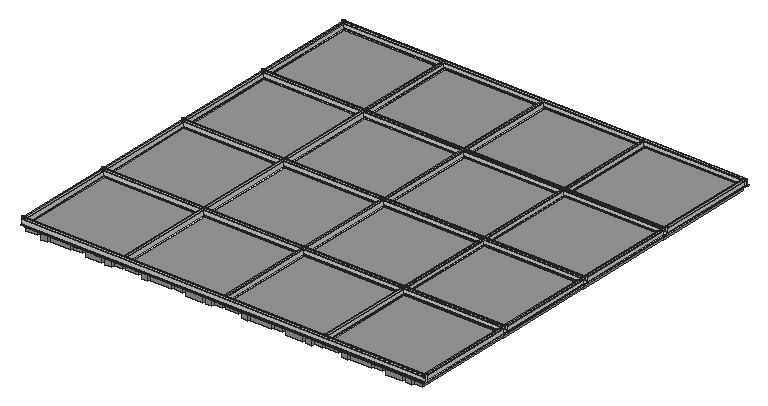
Revit family "GRD-FPG-013_TILE 003_RFA", category Modelos genéricos, Revit 2022 (continued)
Forms (in)
  Extrusion 265, solid, not visible
    sketch origin (22.53003, 0, 0) x (0, 1, 0) y (0, 0, 1)
      loop
        line (24.28363, 0.65884) -> (24.28363, 0.81105) -> (24.15525, 0.96325) -> (0.66201, 0.96325) -> (0.53363, 0.81105) -> (0.53363, 0.65884) -> (1.04039, 0.65884) -> (1.04039, 0.08825) -> (23.77686, 0.08825) -> (23.77686, 0.65884) -> (24.28363, 0.65884)
    from 1.02721 to 1.49718
  Extrusion 266, solid, not visible
    sketch origin (0, 0, 0) x (1, 0, 0) y (0, 1, 0)
      loop
        line (24.37331, 0.56251) -> (24.37331, 24.37501) -> (0.56081, 24.37501) -> (0.56081, 0.56251) -> (24.37331, 0.56251)
    from -0.14799 to 0.32867
  Extrusion 267, solid, not visible
    sketch origin (0, 0, 0) x (1, 0, 0) y (0, 0, 1)
      loop
        line (1.09883, 0.09247) -> (23.8353, 0.09247) -> (23.8353, 0.66306) -> (24.0853, 0.66306) -> (24.34206, 0.66306) -> (24.34206, 0.81527) -> (24.21368, 0.96747) -> (0.72045, 0.96747) -> (0.59206, 0.81527) -> (0.59206, 0.66306) -> (0.84883, 0.66306) -> (1.09883, 0.66306) -> (1.09883, 0.09247)
    from -1.53248 to -1.06251
  Extrusion 268, solid, not visible
    sketch origin (0, 22.34253, 0) x (1, 0, 0) y (0, 0, 1)
      loop
        line (1.09883, 0.09247) -> (23.8353, 0.09247) -> (23.8353, 0.66306) -> (24.0853, 0.66306) -> (24.34206, 0.66306) -> (24.34206, 0.81527) -> (24.21368, 0.96747) -> (0.72045, 0.96747) -> (0.59206, 0.81527) -> (0.59206, 0.66306) -> (0.84883, 0.66306) -> (1.09883, 0.66306) -> (1.09883, 0.09247)
    from -1.53248 to -1.06251
  Extrusion 269, solid, not visible
    sketch origin (0, 0, 0) x (0, 1, 0) y (0, 0, 1)
      loop
        line (0.42221, 1.66259) -> (0.42231, 0.67354)
        arc (0.42231, 0.67354) -> (0.41009, 0.64403) -> (0.38057, 0.6318) r 0.04174
        line (0.38057, 0.6318) -> (-0.00639, 0.6318) -> (-0.00639, 0.59057) -> (0.8874, 0.59057) -> (0.8874, 0.6318) -> (0.49998, 0.6318)
        arc (0.49998, 0.6318) -> (0.47046, 0.64403) -> (0.45824, 0.67354) r 0.04174
        line (0.45824, 0.67354) -> (0.45834, 1.66259)
        arc (0.45834, 1.66259) -> (0.46543, 1.67969) -> (0.48252, 1.68677) r 0.02418
        line (0.48252, 1.68677) -> (0.52252, 1.68677)
        arc (0.52252, 1.68677) -> (0.55303, 1.69941) -> (0.56566, 1.72991) r 0.04314
        line (0.56566, 1.72991) -> (0.56566, 2.14095)
        arc (0.56566, 2.14095) -> (0.5626, 2.15637) -> (0.55386, 2.16944) r 0.04029
        line (0.55386, 2.16944) -> (0.47053, 2.25277)
        arc (0.47053, 2.25277) -> (0.44027, 2.2653) -> (0.41002, 2.25277) r 0.04279
        line (0.41002, 2.25277) -> (0.32669, 2.16944)
        arc (0.32669, 2.16944) -> (0.31795, 2.15637) -> (0.31489, 2.14095) r 0.04029
        line (0.31489, 2.14095) -> (0.31489, 1.72991)
        arc (0.31489, 1.72991) -> (0.32752, 1.69941) -> (0.35803, 1.68677) r 0.04314
        line (0.35803, 1.68677) -> (0.39803, 1.68677)
        arc (0.39803, 1.68677) -> (0.41512, 1.67969) -> (0.42221, 1.66259) r 0.02418
      loop
        arc (0.33294, 1.7291) -> (0.34005, 1.71194) -> (0.35722, 1.70483) r 0.02428
        line (0.35722, 1.70483) -> (0.39815, 1.70483)
        arc (0.39815, 1.70483) -> (0.42797, 1.69248) -> (0.44023, 1.66266) r 0.04217
        arc (0.44023, 1.66266) -> (0.45258, 1.69248) -> (0.4824, 1.70483) r 0.04217
        line (0.4824, 1.70483) -> (0.52333, 1.70483)
        arc (0.52333, 1.70483) -> (0.54049, 1.71194) -> (0.54761, 1.7291) r 0.02428
        line (0.54761, 1.7291) -> (0.54761, 2.15016) -> (0.45704, 2.24072)
        arc (0.45704, 2.24072) -> (0.44027, 2.24767) -> (0.42351, 2.24072) r 0.02371
        line (0.42351, 2.24072) -> (0.33294, 2.15016) -> (0.33294, 1.7291)
    from 0 to 96.9361
  Extrusion 270, solid, not visible
    sketch origin (0, 24, 0) x (0, 1, 0) y (0, 0, 1)
      loop
        line (0.42221, 1.66259) -> (0.42231, 0.67354)
        arc (0.42231, 0.67354) -> (0.41009, 0.64403) -> (0.38057, 0.6318) r 0.04174
        line (0.38057, 0.6318) -> (-0.00639, 0.6318) -> (-0.00639, 0.59057) -> (0.8874, 0.59057) -> (0.8874, 0.6318) -> (0.49998, 0.6318)
        arc (0.49998, 0.6318) -> (0.47046, 0.64403) -> (0.45824, 0.67354) r 0.04174
        line (0.45824, 0.67354) -> (0.45834, 1.66259)
        arc (0.45834, 1.66259) -> (0.46543, 1.67969) -> (0.48252, 1.68677) r 0.02418
        line (0.48252, 1.68677) -> (0.52252, 1.68677)
        arc (0.52252, 1.68677) -> (0.55303, 1.69941) -> (0.56566, 1.72991) r 0.04314
        line (0.56566, 1.72991) -> (0.56566, 2.14095)
        arc (0.56566, 2.14095) -> (0.5626, 2.15637) -> (0.55386, 2.16944) r 0.04029
        line (0.55386, 2.16944) -> (0.47053, 2.25277)
        arc (0.47053, 2.25277) -> (0.44027, 2.2653) -> (0.41002, 2.25277) r 0.04279
        line (0.41002, 2.25277) -> (0.32669, 2.16944)
        arc (0.32669, 2.16944) -> (0.31795, 2.15637) -> (0.31489, 2.14095) r 0.04029
        line (0.31489, 2.14095) -> (0.31489, 1.72991)
        arc (0.31489, 1.72991) -> (0.32752, 1.69941) -> (0.35803, 1.68677) r 0.04314
        line (0.35803, 1.68677) -> (0.39803, 1.68677)
        arc (0.39803, 1.68677) -> (0.41512, 1.67969) -> (0.42221, 1.66259) r 0.02418
      loop
        arc (0.33294, 1.7291) -> (0.34005, 1.71194) -> (0.35722, 1.70483) r 0.02428
        line (0.35722, 1.70483) -> (0.39815, 1.70483)
        arc (0.39815, 1.70483) -> (0.42797, 1.69248) -> (0.44023, 1.66266) r 0.04217
        arc (0.44023, 1.66266) -> (0.45258, 1.69248) -> (0.4824, 1.70483) r 0.04217
        line (0.4824, 1.70483) -> (0.52333, 1.70483)
        arc (0.52333, 1.70483) -> (0.54049, 1.71194) -> (0.54761, 1.7291) r 0.02428
        line (0.54761, 1.7291) -> (0.54761, 2.15016) -> (0.45704, 2.24072)
        arc (0.45704, 2.24072) -> (0.44027, 2.24767) -> (0.42351, 2.24072) r 0.02371
        line (0.42351, 2.24072) -> (0.33294, 2.15016) -> (0.33294, 1.7291)
    from 0 to 96.9361
  Extrusion 271, solid, not visible
    sketch origin (0, 48, 0) x (0, 1, 0) y (0, 0, 1)
      loop
        line (0.42221, 1.66259) -> (0.42231, 0.67354)
        arc (0.42231, 0.67354) -> (0.41009, 0.64403) -> (0.38057, 0.6318) r 0.04174
        line (0.38057, 0.6318) -> (-0.00639, 0.6318) -> (-0.00639, 0.59057) -> (0.8874, 0.59057) -> (0.8874, 0.6318) -> (0.49998, 0.6318)
        arc (0.49998, 0.6318) -> (0.47046, 0.64403) -> (0.45824, 0.67354) r 0.04174
        line (0.45824, 0.67354) -> (0.45834, 1.66259)
        arc (0.45834, 1.66259) -> (0.46543, 1.67969) -> (0.48252, 1.68677) r 0.02418
        line (0.48252, 1.68677) -> (0.52252, 1.68677)
        arc (0.52252, 1.68677) -> (0.55303, 1.69941) -> (0.56566, 1.72991) r 0.04314
        line (0.56566, 1.72991) -> (0.56566, 2.14095)
        arc (0.56566, 2.14095) -> (0.5626, 2.15637) -> (0.55386, 2.16944) r 0.04029
        line (0.55386, 2.16944) -> (0.47053, 2.25277)
        arc (0.47053, 2.25277) -> (0.44027, 2.2653) -> (0.41002, 2.25277) r 0.04279
        line (0.41002, 2.25277) -> (0.32669, 2.16944)
        arc (0.32669, 2.16944) -> (0.31795, 2.15637) -> (0.31489, 2.14095) r 0.04029
        line (0.31489, 2.14095) -> (0.31489, 1.72991)
        arc (0.31489, 1.72991) -> (0.32752, 1.69941) -> (0.35803, 1.68677) r 0.04314
        line (0.35803, 1.68677) -> (0.39803, 1.68677)
        arc (0.39803, 1.68677) -> (0.41512, 1.67969) -> (0.42221, 1.66259) r 0.02418
      loop
        arc (0.33294, 1.7291) -> (0.34005, 1.71194) -> (0.35722, 1.70483) r 0.02428
        line (0.35722, 1.70483) -> (0.39815, 1.70483)
        arc (0.39815, 1.70483) -> (0.42797, 1.69248) -> (0.44023, 1.66266) r 0.04217
        arc (0.44023, 1.66266) -> (0.45258, 1.69248) -> (0.4824, 1.70483) r 0.04217
        line (0.4824, 1.70483) -> (0.52333, 1.70483)
        arc (0.52333, 1.70483) -> (0.54049, 1.71194) -> (0.54761, 1.7291) r 0.02428
        line (0.54761, 1.7291) -> (0.54761, 2.15016) -> (0.45704, 2.24072)
        arc (0.45704, 2.24072) -> (0.44027, 2.24767) -> (0.42351, 2.24072) r 0.02371
        line (0.42351, 2.24072) -> (0.33294, 2.15016) -> (0.33294, 1.7291)
    from 0 to 96.9361
  Extrusion 272, solid, not visible
    sketch origin (0, 72, 0) x (0, 1, 0) y (0, 0, 1)
      loop
        line (0.42221, 1.66259) -> (0.42231, 0.67354)
        arc (0.42231, 0.67354) -> (0.41009, 0.64403) -> (0.38057, 0.6318) r 0.04174
        line (0.38057, 0.6318) -> (-0.00639, 0.6318) -> (-0.00639, 0.59057) -> (0.8874, 0.59057) -> (0.8874, 0.6318) -> (0.49998, 0.6318)
        arc (0.49998, 0.6318) -> (0.47046, 0.64403) -> (0.45824, 0.67354) r 0.04174
        line (0.45824, 0.67354) -> (0.45834, 1.66259)
        arc (0.45834, 1.66259) -> (0.46543, 1.67969) -> (0.48252, 1.68677) r 0.02418
        line (0.48252, 1.68677) -> (0.52252, 1.68677)
        arc (0.52252, 1.68677) -> (0.55303, 1.69941) -> (0.56566, 1.72991) r 0.04314
        line (0.56566, 1.72991) -> (0.56566, 2.14095)
        arc (0.56566, 2.14095) -> (0.5626, 2.15637) -> (0.55386, 2.16944) r 0.04029
        line (0.55386, 2.16944) -> (0.47053, 2.25277)
        arc (0.47053, 2.25277) -> (0.44027, 2.2653) -> (0.41002, 2.25277) r 0.04279
        line (0.41002, 2.25277) -> (0.32669, 2.16944)
        arc (0.32669, 2.16944) -> (0.31795, 2.15637) -> (0.31489, 2.14095) r 0.04029
        line (0.31489, 2.14095) -> (0.31489, 1.72991)
        arc (0.31489, 1.72991) -> (0.32752, 1.69941) -> (0.35803, 1.68677) r 0.04314
        line (0.35803, 1.68677) -> (0.39803, 1.68677)
        arc (0.39803, 1.68677) -> (0.41512, 1.67969) -> (0.42221, 1.66259) r 0.02418
      loop
        arc (0.33294, 1.7291) -> (0.34005, 1.71194) -> (0.35722, 1.70483) r 0.02428
        line (0.35722, 1.70483) -> (0.39815, 1.70483)
        arc (0.39815, 1.70483) -> (0.42797, 1.69248) -> (0.44023, 1.66266) r 0.04217
        arc (0.44023, 1.66266) -> (0.45258, 1.69248) -> (0.4824, 1.70483) r 0.04217
        line (0.4824, 1.70483) -> (0.52333, 1.70483)
        arc (0.52333, 1.70483) -> (0.54049, 1.71194) -> (0.54761, 1.7291) r 0.02428
        line (0.54761, 1.7291) -> (0.54761, 2.15016) -> (0.45704, 2.24072)
        arc (0.45704, 2.24072) -> (0.44027, 2.24767) -> (0.42351, 2.24072) r 0.02371
        line (0.42351, 2.24072) -> (0.33294, 2.15016) -> (0.33294, 1.7291)
    from 0 to 96.9361
  Extrusion 273, solid, not visible
    sketch origin (0, 96, 0) x (0, 1, 0) y (0, 0, 1)
      loop
        line (0.42221, 1.66259) -> (0.42231, 0.67354)
        arc (0.42231, 0.67354) -> (0.41009, 0.64403) -> (0.38057, 0.6318) r 0.04174
        line (0.38057, 0.6318) -> (-0.00639, 0.6318) -> (-0.00639, 0.59057) -> (0.8874, 0.59057) -> (0.8874, 0.6318) -> (0.49998, 0.6318)
        arc (0.49998, 0.6318) -> (0.47046, 0.64403) -> (0.45824, 0.67354) r 0.04174
        line (0.45824, 0.67354) -> (0.45834, 1.66259)
        arc (0.45834, 1.66259) -> (0.46543, 1.67969) -> (0.48252, 1.68677) r 0.02418
        line (0.48252, 1.68677) -> (0.52252, 1.68677)
        arc (0.52252, 1.68677) -> (0.55303, 1.69941) -> (0.56566, 1.72991) r 0.04314
        line (0.56566, 1.72991) -> (0.56566, 2.14095)
        arc (0.56566, 2.14095) -> (0.5626, 2.15637) -> (0.55386, 2.16944) r 0.04029
        line (0.55386, 2.16944) -> (0.47053, 2.25277)
        arc (0.47053, 2.25277) -> (0.44027, 2.2653) -> (0.41002, 2.25277) r 0.04279
        line (0.41002, 2.25277) -> (0.32669, 2.16944)
        arc (0.32669, 2.16944) -> (0.31795, 2.15637) -> (0.31489, 2.14095) r 0.04029
        line (0.31489, 2.14095) -> (0.31489, 1.72991)
        arc (0.31489, 1.72991) -> (0.32752, 1.69941) -> (0.35803, 1.68677) r 0.04314
        line (0.35803, 1.68677) -> (0.39803, 1.68677)
        arc (0.39803, 1.68677) -> (0.41512, 1.67969) -> (0.42221, 1.66259) r 0.02418
      loop
        arc (0.33294, 1.7291) -> (0.34005, 1.71194) -> (0.35722, 1.70483) r 0.02428
        line (0.35722, 1.70483) -> (0.39815, 1.70483)
        arc (0.39815, 1.70483) -> (0.42797, 1.69248) -> (0.44023, 1.66266) r 0.04217
        arc (0.44023, 1.66266) -> (0.45258, 1.69248) -> (0.4824, 1.70483) r 0.04217
        line (0.4824, 1.70483) -> (0.52333, 1.70483)
        arc (0.52333, 1.70483) -> (0.54049, 1.71194) -> (0.54761, 1.7291) r 0.02428
        line (0.54761, 1.7291) -> (0.54761, 2.15016) -> (0.45704, 2.24072)
        arc (0.45704, 2.24072) -> (0.44027, 2.24767) -> (0.42351, 2.24072) r 0.02371
        line (0.42351, 2.24072) -> (0.33294, 2.15016) -> (0.33294, 1.7291)
    from 0 to 96.9361
  Extrusion 274, solid, not visible
    sketch origin (48.02754, 154.90856, 0) x (1, 0, 0) y (0, 0, 1)
      loop
        line (0.42221, 1.66259) -> (0.42231, 0.67354)
        arc (0.42231, 0.67354) -> (0.41009, 0.64403) -> (0.38057, 0.6318) r 0.04174
        line (0.38057, 0.6318) -> (-0.00639, 0.6318) -> (-0.00639, 0.59057) -> (0.8874, 0.59057) -> (0.8874, 0.6318) -> (0.49998, 0.6318)
        arc (0.49998, 0.6318) -> (0.47046, 0.64403) -> (0.45824, 0.67354) r 0.04174
        line (0.45824, 0.67354) -> (0.45834, 1.66259)
        arc (0.45834, 1.66259) -> (0.46543, 1.67969) -> (0.48252, 1.68677) r 0.02418
        line (0.48252, 1.68677) -> (0.52252, 1.68677)
        arc (0.52252, 1.68677) -> (0.55303, 1.69941) -> (0.56566, 1.72991) r 0.04314
        line (0.56566, 1.72991) -> (0.56566, 2.14095)
        arc (0.56566, 2.14095) -> (0.5626, 2.15637) -> (0.55386, 2.16944) r 0.04029
        line (0.55386, 2.16944) -> (0.47053, 2.25277)
        arc (0.47053, 2.25277) -> (0.44027, 2.2653) -> (0.41002, 2.25277) r 0.04279
        line (0.41002, 2.25277) -> (0.32669, 2.16944)
        arc (0.32669, 2.16944) -> (0.31795, 2.15637) -> (0.31489, 2.14095) r 0.04029
        line (0.31489, 2.14095) -> (0.31489, 1.72991)
        arc (0.31489, 1.72991) -> (0.32752, 1.69941) -> (0.35803, 1.68677) r 0.04314
        line (0.35803, 1.68677) -> (0.39803, 1.68677)
        arc (0.39803, 1.68677) -> (0.41512, 1.67969) -> (0.42221, 1.66259) r 0.02418
      loop
        arc (0.33294, 1.7291) -> (0.34005, 1.71194) -> (0.35722, 1.70483) r 0.02428
        line (0.35722, 1.70483) -> (0.39815, 1.70483)
        arc (0.39815, 1.70483) -> (0.42797, 1.69248) -> (0.44023, 1.66266) r 0.04217
        arc (0.44023, 1.66266) -> (0.45258, 1.69248) -> (0.4824, 1.70483) r 0.04217
        line (0.4824, 1.70483) -> (0.52333, 1.70483)
        arc (0.52333, 1.70483) -> (0.54049, 1.71194) -> (0.54761, 1.7291) r 0.02428
        line (0.54761, 1.7291) -> (0.54761, 2.15016) -> (0.45704, 2.24072)
        arc (0.45704, 2.24072) -> (0.44027, 2.24767) -> (0.42351, 2.24072) r 0.02371
        line (0.42351, 2.24072) -> (0.33294, 2.15016) -> (0.33294, 1.7291)
    from 58.93614 to 81.99864
  Extrusion 275, solid, not visible
    sketch origin (72.02767, 154.90856, 0) x (1, 0, 0) y (0, 0, 1)
      loop
        line (0.42221, 1.66259) -> (0.42231, 0.67354)
        arc (0.42231, 0.67354) -> (0.41009, 0.64403) -> (0.38057, 0.6318) r 0.04174
        line (0.38057, 0.6318) -> (-0.00639, 0.6318) -> (-0.00639, 0.59057) -> (0.8874, 0.59057) -> (0.8874, 0.6318) -> (0.49998, 0.6318)
        arc (0.49998, 0.6318) -> (0.47046, 0.64403) -> (0.45824, 0.67354) r 0.04174
        line (0.45824, 0.67354) -> (0.45834, 1.66259)
        arc (0.45834, 1.66259) -> (0.46543, 1.67969) -> (0.48252, 1.68677) r 0.02418
        line (0.48252, 1.68677) -> (0.52252, 1.68677)
        arc (0.52252, 1.68677) -> (0.55303, 1.69941) -> (0.56566, 1.72991) r 0.04314
        line (0.56566, 1.72991) -> (0.56566, 2.14095)
        arc (0.56566, 2.14095) -> (0.5626, 2.15637) -> (0.55386, 2.16944) r 0.04029
        line (0.55386, 2.16944) -> (0.47053, 2.25277)
        arc (0.47053, 2.25277) -> (0.44027, 2.2653) -> (0.41002, 2.25277) r 0.04279
        line (0.41002, 2.25277) -> (0.32669, 2.16944)
        arc (0.32669, 2.16944) -> (0.31795, 2.15637) -> (0.31489, 2.14095) r 0.04029
        line (0.31489, 2.14095) -> (0.31489, 1.72991)
        arc (0.31489, 1.72991) -> (0.32752, 1.69941) -> (0.35803, 1.68677) r 0.04314
        line (0.35803, 1.68677) -> (0.39803, 1.68677)
        arc (0.39803, 1.68677) -> (0.41512, 1.67969) -> (0.42221, 1.66259) r 0.02418
      loop
        arc (0.33294, 1.7291) -> (0.34005, 1.71194) -> (0.35722, 1.70483) r 0.02428
        line (0.35722, 1.70483) -> (0.39815, 1.70483)
        arc (0.39815, 1.70483) -> (0.42797, 1.69248) -> (0.44023, 1.66266) r 0.04217
        arc (0.44023, 1.66266) -> (0.45258, 1.69248) -> (0.4824, 1.70483) r 0.04217
        line (0.4824, 1.70483) -> (0.52333, 1.70483)
        arc (0.52333, 1.70483) -> (0.54049, 1.71194) -> (0.54761, 1.7291) r 0.02428
        line (0.54761, 1.7291) -> (0.54761, 2.15016) -> (0.45704, 2.24072)
        arc (0.45704, 2.24072) -> (0.44027, 2.24767) -> (0.42351, 2.24072) r 0.02371
        line (0.42351, 2.24072) -> (0.33294, 2.15016) -> (0.33294, 1.7291)
    from 58.93614 to 81.99864
  Extrusion 276, solid, not visible
    sketch origin (96.02767, 154.90856, 0) x (1, 0, 0) y (0, 0, 1)
      loop
        line (0.42221, 1.66259) -> (0.42231, 0.67354)
        arc (0.42231, 0.67354) -> (0.41009, 0.64403) -> (0.38057, 0.6318) r 0.04174
        line (0.38057, 0.6318) -> (-0.00639, 0.6318) -> (-0.00639, 0.59057) -> (0.8874, 0.59057) -> (0.8874, 0.6318) -> (0.49998, 0.6318)
        arc (0.49998, 0.6318) -> (0.47046, 0.64403) -> (0.45824, 0.67354) r 0.04174
        line (0.45824, 0.67354) -> (0.45834, 1.66259)
        arc (0.45834, 1.66259) -> (0.46543, 1.67969) -> (0.48252, 1.68677) r 0.02418
        line (0.48252, 1.68677) -> (0.52252, 1.68677)
        arc (0.52252, 1.68677) -> (0.55303, 1.69941) -> (0.56566, 1.72991) r 0.04314
        line (0.56566, 1.72991) -> (0.56566, 2.14095)
        arc (0.56566, 2.14095) -> (0.5626, 2.15637) -> (0.55386, 2.16944) r 0.04029
        line (0.55386, 2.16944) -> (0.47053, 2.25277)
        arc (0.47053, 2.25277) -> (0.44027, 2.2653) -> (0.41002, 2.25277) r 0.04279
        line (0.41002, 2.25277) -> (0.32669, 2.16944)
        arc (0.32669, 2.16944) -> (0.31795, 2.15637) -> (0.31489, 2.14095) r 0.04029
        line (0.31489, 2.14095) -> (0.31489, 1.72991)
        arc (0.31489, 1.72991) -> (0.32752, 1.69941) -> (0.35803, 1.68677) r 0.04314
        line (0.35803, 1.68677) -> (0.39803, 1.68677)
        arc (0.39803, 1.68677) -> (0.41512, 1.67969) -> (0.42221, 1.66259) r 0.02418
      loop
        arc (0.33294, 1.7291) -> (0.34005, 1.71194) -> (0.35722, 1.70483) r 0.02428
        line (0.35722, 1.70483) -> (0.39815, 1.70483)
        arc (0.39815, 1.70483) -> (0.42797, 1.69248) -> (0.44023, 1.66266) r 0.04217
        arc (0.44023, 1.66266) -> (0.45258, 1.69248) -> (0.4824, 1.70483) r 0.04217
        line (0.4824, 1.70483) -> (0.52333, 1.70483)
        arc (0.52333, 1.70483) -> (0.54049, 1.71194) -> (0.54761, 1.7291) r 0.02428
        line (0.54761, 1.7291) -> (0.54761, 2.15016) -> (0.45704, 2.24072)
        arc (0.45704, 2.24072) -> (0.44027, 2.24767) -> (0.42351, 2.24072) r 0.02371
        line (0.42351, 2.24072) -> (0.33294, 2.15016) -> (0.33294, 1.7291)
    from 58.93614 to 81.99864
  Extrusion 277, solid, not visible
    sketch origin (24.02767, 154.90856, 0) x (1, 0, 0) y (0, 0, 1)
      loop
        line (0.42221, 1.66259) -> (0.42231, 0.67354)
        arc (0.42231, 0.67354) -> (0.41009, 0.64403) -> (0.38057, 0.6318) r 0.04174
        line (0.38057, 0.6318) -> (-0.00639, 0.6318) -> (-0.00639, 0.59057) -> (0.8874, 0.59057) -> (0.8874, 0.6318) -> (0.49998, 0.6318)
        arc (0.49998, 0.6318) -> (0.47046, 0.64403) -> (0.45824, 0.67354) r 0.04174
        line (0.45824, 0.67354) -> (0.45834, 1.66259)
        arc (0.45834, 1.66259) -> (0.46543, 1.67969) -> (0.48252, 1.68677) r 0.02418
        line (0.48252, 1.68677) -> (0.52252, 1.68677)
        arc (0.52252, 1.68677) -> (0.55303, 1.69941) -> (0.56566, 1.72991) r 0.04314
        line (0.56566, 1.72991) -> (0.56566, 2.14095)
        arc (0.56566, 2.14095) -> (0.5626, 2.15637) -> (0.55386, 2.16944) r 0.04029
        line (0.55386, 2.16944) -> (0.47053, 2.25277)
        arc (0.47053, 2.25277) -> (0.44027, 2.2653) -> (0.41002, 2.25277) r 0.04279
        line (0.41002, 2.25277) -> (0.32669, 2.16944)
        arc (0.32669, 2.16944) -> (0.31795, 2.15637) -> (0.31489, 2.14095) r 0.04029
        line (0.31489, 2.14095) -> (0.31489, 1.72991)
        arc (0.31489, 1.72991) -> (0.32752, 1.69941) -> (0.35803, 1.68677) r 0.04314
        line (0.35803, 1.68677) -> (0.39803, 1.68677)
        arc (0.39803, 1.68677) -> (0.41512, 1.67969) -> (0.42221, 1.66259) r 0.02418
      loop
        arc (0.33294, 1.7291) -> (0.34005, 1.71194) -> (0.35722, 1.70483) r 0.02428
        line (0.35722, 1.70483) -> (0.39815, 1.70483)
        arc (0.39815, 1.70483) -> (0.42797, 1.69248) -> (0.44023, 1.66266) r 0.04217
        arc (0.44023, 1.66266) -> (0.45258, 1.69248) -> (0.4824, 1.70483) r 0.04217
        line (0.4824, 1.70483) -> (0.52333, 1.70483)
        arc (0.52333, 1.70483) -> (0.54049, 1.71194) -> (0.54761, 1.7291) r 0.02428
        line (0.54761, 1.7291) -> (0.54761, 2.15016) -> (0.45704, 2.24072)
        arc (0.45704, 2.24072) -> (0.44027, 2.24767) -> (0.42351, 2.24072) r 0.02371
        line (0.42351, 2.24072) -> (0.33294, 2.15016) -> (0.33294, 1.7291)
    from 58.93614 to 81.99864
  Extrusion 278, solid, not visible
    sketch origin (0.02767, 154.90856, 0) x (1, 0, 0) y (0, 0, 1)
      loop
        line (0.42221, 1.66259) -> (0.42231, 0.67354)
        arc (0.42231, 0.67354) -> (0.41009, 0.64403) -> (0.38057, 0.6318) r 0.04174
        line (0.38057, 0.6318) -> (-0.00639, 0.6318) -> (-0.00639, 0.59057) -> (0.8874, 0.59057) -> (0.8874, 0.6318) -> (0.49998, 0.6318)
        arc (0.49998, 0.6318) -> (0.47046, 0.64403) -> (0.45824, 0.67354) r 0.04174
        line (0.45824, 0.67354) -> (0.45834, 1.66259)
        arc (0.45834, 1.66259) -> (0.46543, 1.67969) -> (0.48252, 1.68677) r 0.02418
        line (0.48252, 1.68677) -> (0.52252, 1.68677)
        arc (0.52252, 1.68677) -> (0.55303, 1.69941) -> (0.56566, 1.72991) r 0.04314
        line (0.56566, 1.72991) -> (0.56566, 2.14095)
        arc (0.56566, 2.14095) -> (0.5626, 2.15637) -> (0.55386, 2.16944) r 0.04029
        line (0.55386, 2.16944) -> (0.47053, 2.25277)
        arc (0.47053, 2.25277) -> (0.44027, 2.2653) -> (0.41002, 2.25277) r 0.04279
        line (0.41002, 2.25277) -> (0.32669, 2.16944)
        arc (0.32669, 2.16944) -> (0.31795, 2.15637) -> (0.31489, 2.14095) r 0.04029
        line (0.31489, 2.14095) -> (0.31489, 1.72991)
        arc (0.31489, 1.72991) -> (0.32752, 1.69941) -> (0.35803, 1.68677) r 0.04314
        line (0.35803, 1.68677) -> (0.39803, 1.68677)
        arc (0.39803, 1.68677) -> (0.41512, 1.67969) -> (0.42221, 1.66259) r 0.02418
      loop
        arc (0.33294, 1.7291) -> (0.34005, 1.71194) -> (0.35722, 1.70483) r 0.02428
        line (0.35722, 1.70483) -> (0.39815, 1.70483)
        arc (0.39815, 1.70483) -> (0.42797, 1.69248) -> (0.44023, 1.66266) r 0.04217
        arc (0.44023, 1.66266) -> (0.45258, 1.69248) -> (0.4824, 1.70483) r 0.04217
        line (0.4824, 1.70483) -> (0.52333, 1.70483)
        arc (0.52333, 1.70483) -> (0.54049, 1.71194) -> (0.54761, 1.7291) r 0.02428
        line (0.54761, 1.7291) -> (0.54761, 2.15016) -> (0.45704, 2.24072)
        arc (0.45704, 2.24072) -> (0.44027, 2.24767) -> (0.42351, 2.24072) r 0.02371
        line (0.42351, 2.24072) -> (0.33294, 2.15016) -> (0.33294, 1.7291)
    from 58.93614 to 81.99864
  Extrusion 279, solid, not visible
    sketch origin (48.02754, 130.90855, 0) x (1, 0, 0) y (0, 0, 1)
      loop
        line (0.42221, 1.66259) -> (0.42231, 0.67354)
        arc (0.42231, 0.67354) -> (0.41009, 0.64403) -> (0.38057, 0.6318) r 0.04174
        line (0.38057, 0.6318) -> (-0.00639, 0.6318) -> (-0.00639, 0.59057) -> (0.8874, 0.59057) -> (0.8874, 0.6318) -> (0.49998, 0.6318)
        arc (0.49998, 0.6318) -> (0.47046, 0.64403) -> (0.45824, 0.67354) r 0.04174
        line (0.45824, 0.67354) -> (0.45834, 1.66259)
        arc (0.45834, 1.66259) -> (0.46543, 1.67969) -> (0.48252, 1.68677) r 0.02418
        line (0.48252, 1.68677) -> (0.52252, 1.68677)
        arc (0.52252, 1.68677) -> (0.55303, 1.69941) -> (0.56566, 1.72991) r 0.04314
        line (0.56566, 1.72991) -> (0.56566, 2.14095)
        arc (0.56566, 2.14095) -> (0.5626, 2.15637) -> (0.55386, 2.16944) r 0.04029
        line (0.55386, 2.16944) -> (0.47053, 2.25277)
        arc (0.47053, 2.25277) -> (0.44027, 2.2653) -> (0.41002, 2.25277) r 0.04279
        line (0.41002, 2.25277) -> (0.32669, 2.16944)
        arc (0.32669, 2.16944) -> (0.31795, 2.15637) -> (0.31489, 2.14095) r 0.04029
        line (0.31489, 2.14095) -> (0.31489, 1.72991)
        arc (0.31489, 1.72991) -> (0.32752, 1.69941) -> (0.35803, 1.68677) r 0.04314
        line (0.35803, 1.68677) -> (0.39803, 1.68677)
        arc (0.39803, 1.68677) -> (0.41512, 1.67969) -> (0.42221, 1.66259) r 0.02418
      loop
        arc (0.33294, 1.7291) -> (0.34005, 1.71194) -> (0.35722, 1.70483) r 0.02428
        line (0.35722, 1.70483) -> (0.39815, 1.70483)
        arc (0.39815, 1.70483) -> (0.42797, 1.69248) -> (0.44023, 1.66266) r 0.04217
        arc (0.44023, 1.66266) -> (0.45258, 1.69248) -> (0.4824, 1.70483) r 0.04217
        line (0.4824, 1.70483) -> (0.52333, 1.70483)
        arc (0.52333, 1.70483) -> (0.54049, 1.71194) -> (0.54761, 1.7291) r 0.02428
        line (0.54761, 1.7291) -> (0.54761, 2.15016) -> (0.45704, 2.24072)
        arc (0.45704, 2.24072) -> (0.44027, 2.24767) -> (0.42351, 2.24072) r 0.02371
        line (0.42351, 2.24072) -> (0.33294, 2.15016) -> (0.33294, 1.7291)
    from 58.93614 to 81.99864
  Extrusion 280, solid, not visible
    sketch origin (72.02767, 130.90855, 0) x (1, 0, 0) y (0, 0, 1)
      loop
        line (0.42221, 1.66259) -> (0.42231, 0.67354)
        arc (0.42231, 0.67354) -> (0.41009, 0.64403) -> (0.38057, 0.6318) r 0.04174
        line (0.38057, 0.6318) -> (-0.00639, 0.6318) -> (-0.00639, 0.59057) -> (0.8874, 0.59057) -> (0.8874, 0.6318) -> (0.49998, 0.6318)
        arc (0.49998, 0.6318) -> (0.47046, 0.64403) -> (0.45824, 0.67354) r 0.04174
        line (0.45824, 0.67354) -> (0.45834, 1.66259)
        arc (0.45834, 1.66259) -> (0.46543, 1.67969) -> (0.48252, 1.68677) r 0.02418
        line (0.48252, 1.68677) -> (0.52252, 1.68677)
        arc (0.52252, 1.68677) -> (0.55303, 1.69941) -> (0.56566, 1.72991) r 0.04314
        line (0.56566, 1.72991) -> (0.56566, 2.14095)
        arc (0.56566, 2.14095) -> (0.5626, 2.15637) -> (0.55386, 2.16944) r 0.04029
        line (0.55386, 2.16944) -> (0.47053, 2.25277)
        arc (0.47053, 2.25277) -> (0.44027, 2.2653) -> (0.41002, 2.25277) r 0.04279
        line (0.41002, 2.25277) -> (0.32669, 2.16944)
        arc (0.32669, 2.16944) -> (0.31795, 2.15637) -> (0.31489, 2.14095) r 0.04029
        line (0.31489, 2.14095) -> (0.31489, 1.72991)
        arc (0.31489, 1.72991) -> (0.32752, 1.69941) -> (0.35803, 1.68677) r 0.04314
        line (0.35803, 1.68677) -> (0.39803, 1.68677)
        arc (0.39803, 1.68677) -> (0.41512, 1.67969) -> (0.42221, 1.66259) r 0.02418
      loop
        arc (0.33294, 1.7291) -> (0.34005, 1.71194) -> (0.35722, 1.70483) r 0.02428
        line (0.35722, 1.70483) -> (0.39815, 1.70483)
        arc (0.39815, 1.70483) -> (0.42797, 1.69248) -> (0.44023, 1.66266) r 0.04217
        arc (0.44023, 1.66266) -> (0.45258, 1.69248) -> (0.4824, 1.70483) r 0.04217
        line (0.4824, 1.70483) -> (0.52333, 1.70483)
        arc (0.52333, 1.70483) -> (0.54049, 1.71194) -> (0.54761, 1.7291) r 0.02428
        line (0.54761, 1.7291) -> (0.54761, 2.15016) -> (0.45704, 2.24072)
        arc (0.45704, 2.24072) -> (0.44027, 2.24767) -> (0.42351, 2.24072) r 0.02371
        line (0.42351, 2.24072) -> (0.33294, 2.15016) -> (0.33294, 1.7291)
    from 58.93614 to 81.99864
  Extrusion 281, solid, not visible
    sketch origin (96.02767, 130.90855, 0) x (1, 0, 0) y (0, 0, 1)
      loop
        line (0.42221, 1.66259) -> (0.42231, 0.67354)
        arc (0.42231, 0.67354) -> (0.41009, 0.64403) -> (0.38057, 0.6318) r 0.04174
        line (0.38057, 0.6318) -> (-0.00639, 0.6318) -> (-0.00639, 0.59057) -> (0.8874, 0.59057) -> (0.8874, 0.6318) -> (0.49998, 0.6318)
        arc (0.49998, 0.6318) -> (0.47046, 0.64403) -> (0.45824, 0.67354) r 0.04174
        line (0.45824, 0.67354) -> (0.45834, 1.66259)
        arc (0.45834, 1.66259) -> (0.46543, 1.67969) -> (0.48252, 1.68677) r 0.02418
        line (0.48252, 1.68677) -> (0.52252, 1.68677)
        arc (0.52252, 1.68677) -> (0.55303, 1.69941) -> (0.56566, 1.72991) r 0.04314
        line (0.56566, 1.72991) -> (0.56566, 2.14095)
        arc (0.56566, 2.14095) -> (0.5626, 2.15637) -> (0.55386, 2.16944) r 0.04029
        line (0.55386, 2.16944) -> (0.47053, 2.25277)
        arc (0.47053, 2.25277) -> (0.44027, 2.2653) -> (0.41002, 2.25277) r 0.04279
        line (0.41002, 2.25277) -> (0.32669, 2.16944)
        arc (0.32669, 2.16944) -> (0.31795, 2.15637) -> (0.31489, 2.14095) r 0.04029
        line (0.31489, 2.14095) -> (0.31489, 1.72991)
        arc (0.31489, 1.72991) -> (0.32752, 1.69941) -> (0.35803, 1.68677) r 0.04314
        line (0.35803, 1.68677) -> (0.39803, 1.68677)
        arc (0.39803, 1.68677) -> (0.41512, 1.67969) -> (0.42221, 1.66259) r 0.02418
      loop
        arc (0.33294, 1.7291) -> (0.34005, 1.71194) -> (0.35722, 1.70483) r 0.02428
        line (0.35722, 1.70483) -> (0.39815, 1.70483)
        arc (0.39815, 1.70483) -> (0.42797, 1.69248) -> (0.44023, 1.66266) r 0.04217
        arc (0.44023, 1.66266) -> (0.45258, 1.69248) -> (0.4824, 1.70483) r 0.04217
        line (0.4824, 1.70483) -> (0.52333, 1.70483)
        arc (0.52333, 1.70483) -> (0.54049, 1.71194) -> (0.54761, 1.7291) r 0.02428
        line (0.54761, 1.7291) -> (0.54761, 2.15016) -> (0.45704, 2.24072)
        arc (0.45704, 2.24072) -> (0.44027, 2.24767) -> (0.42351, 2.24072) r 0.02371
        line (0.42351, 2.24072) -> (0.33294, 2.15016) -> (0.33294, 1.7291)
    from 58.93614 to 81.99864
  Extrusion 282, solid, not visible
    sketch origin (24.02767, 130.90855, 0) x (1, 0, 0) y (0, 0, 1)
      loop
        line (0.42221, 1.66259) -> (0.42231, 0.67354)
        arc (0.42231, 0.67354) -> (0.41009, 0.64403) -> (0.38057, 0.6318) r 0.04174
        line (0.38057, 0.6318) -> (-0.00639, 0.6318) -> (-0.00639, 0.59057) -> (0.8874, 0.59057) -> (0.8874, 0.6318) -> (0.49998, 0.6318)
        arc (0.49998, 0.6318) -> (0.47046, 0.64403) -> (0.45824, 0.67354) r 0.04174
        line (0.45824, 0.67354) -> (0.45834, 1.66259)
        arc (0.45834, 1.66259) -> (0.46543, 1.67969) -> (0.48252, 1.68677) r 0.02418
        line (0.48252, 1.68677) -> (0.52252, 1.68677)
        arc (0.52252, 1.68677) -> (0.55303, 1.69941) -> (0.56566, 1.72991) r 0.04314
        line (0.56566, 1.72991) -> (0.56566, 2.14095)
        arc (0.56566, 2.14095) -> (0.5626, 2.15637) -> (0.55386, 2.16944) r 0.04029
        line (0.55386, 2.16944) -> (0.47053, 2.25277)
        arc (0.47053, 2.25277) -> (0.44027, 2.2653) -> (0.41002, 2.25277) r 0.04279
        line (0.41002, 2.25277) -> (0.32669, 2.16944)
        arc (0.32669, 2.16944) -> (0.31795, 2.15637) -> (0.31489, 2.14095) r 0.04029
        line (0.31489, 2.14095) -> (0.31489, 1.72991)
        arc (0.31489, 1.72991) -> (0.32752, 1.69941) -> (0.35803, 1.68677) r 0.04314
        line (0.35803, 1.68677) -> (0.39803, 1.68677)
        arc (0.39803, 1.68677) -> (0.41512, 1.67969) -> (0.42221, 1.66259) r 0.02418
      loop
        arc (0.33294, 1.7291) -> (0.34005, 1.71194) -> (0.35722, 1.70483) r 0.02428
        line (0.35722, 1.70483) -> (0.39815, 1.70483)
        arc (0.39815, 1.70483) -> (0.42797, 1.69248) -> (0.44023, 1.66266) r 0.04217
        arc (0.44023, 1.66266) -> (0.45258, 1.69248) -> (0.4824, 1.70483) r 0.04217
        line (0.4824, 1.70483) -> (0.52333, 1.70483)
        arc (0.52333, 1.70483) -> (0.54049, 1.71194) -> (0.54761, 1.7291) r 0.02428
        line (0.54761, 1.7291) -> (0.54761, 2.15016) -> (0.45704, 2.24072)
        arc (0.45704, 2.24072) -> (0.44027, 2.24767) -> (0.42351, 2.24072) r 0.02371
        line (0.42351, 2.24072) -> (0.33294, 2.15016) -> (0.33294, 1.7291)
    from 58.93614 to 81.99864
  Extrusion 283, solid, not visible
    sketch origin (0.02767, 130.90855, 0) x (1, 0, 0) y (0, 0, 1)
      loop
        line (0.42221, 1.66259) -> (0.42231, 0.67354)
        arc (0.42231, 0.67354) -> (0.41009, 0.64403) -> (0.38057, 0.6318) r 0.04174
        line (0.38057, 0.6318) -> (-0.00639, 0.6318) -> (-0.00639, 0.59057) -> (0.8874, 0.59057) -> (0.8874, 0.6318) -> (0.49998, 0.6318)
        arc (0.49998, 0.6318) -> (0.47046, 0.64403) -> (0.45824, 0.67354) r 0.04174
        line (0.45824, 0.67354) -> (0.45834, 1.66259)
        arc (0.45834, 1.66259) -> (0.46543, 1.67969) -> (0.48252, 1.68677) r 0.02418
        line (0.48252, 1.68677) -> (0.52252, 1.68677)
        arc (0.52252, 1.68677) -> (0.55303, 1.69941) -> (0.56566, 1.72991) r 0.04314
        line (0.56566, 1.72991) -> (0.56566, 2.14095)
        arc (0.56566, 2.14095) -> (0.5626, 2.15637) -> (0.55386, 2.16944) r 0.04029
        line (0.55386, 2.16944) -> (0.47053, 2.25277)
        arc (0.47053, 2.25277) -> (0.44027, 2.2653) -> (0.41002, 2.25277) r 0.04279
        line (0.41002, 2.25277) -> (0.32669, 2.16944)
        arc (0.32669, 2.16944) -> (0.31795, 2.15637) -> (0.31489, 2.14095) r 0.04029
        line (0.31489, 2.14095) -> (0.31489, 1.72991)
        arc (0.31489, 1.72991) -> (0.32752, 1.69941) -> (0.35803, 1.68677) r 0.04314
        line (0.35803, 1.68677) -> (0.39803, 1.68677)
        arc (0.39803, 1.68677) -> (0.41512, 1.67969) -> (0.42221, 1.66259) r 0.02418
      loop
        arc (0.33294, 1.7291) -> (0.34005, 1.71194) -> (0.35722, 1.70483) r 0.02428
        line (0.35722, 1.70483) -> (0.39815, 1.70483)
        arc (0.39815, 1.70483) -> (0.42797, 1.69248) -> (0.44023, 1.66266) r 0.04217
        arc (0.44023, 1.66266) -> (0.45258, 1.69248) -> (0.4824, 1.70483) r 0.04217
        line (0.4824, 1.70483) -> (0.52333, 1.70483)
        arc (0.52333, 1.70483) -> (0.54049, 1.71194) -> (0.54761, 1.7291) r 0.02428
        line (0.54761, 1.7291) -> (0.54761, 2.15016) -> (0.45704, 2.24072)
        arc (0.45704, 2.24072) -> (0.44027, 2.24767) -> (0.42351, 2.24072) r 0.02371
        line (0.42351, 2.24072) -> (0.33294, 2.15016) -> (0.33294, 1.7291)
    from 58.93614 to 81.99864
  Extrusion 284, solid, not visible
    sketch origin (48.02754, 106.90856, 0) x (1, 0, 0) y (0, 0, 1)
      loop
        line (0.42221, 1.66259) -> (0.42231, 0.67354)
        arc (0.42231, 0.67354) -> (0.41009, 0.64403) -> (0.38057, 0.6318) r 0.04174
        line (0.38057, 0.6318) -> (-0.00639, 0.6318) -> (-0.00639, 0.59057) -> (0.8874, 0.59057) -> (0.8874, 0.6318) -> (0.49998, 0.6318)
        arc (0.49998, 0.6318) -> (0.47046, 0.64403) -> (0.45824, 0.67354) r 0.04174
        line (0.45824, 0.67354) -> (0.45834, 1.66259)
        arc (0.45834, 1.66259) -> (0.46543, 1.67969) -> (0.48252, 1.68677) r 0.02418
        line (0.48252, 1.68677) -> (0.52252, 1.68677)
        arc (0.52252, 1.68677) -> (0.55303, 1.69941) -> (0.56566, 1.72991) r 0.04314
        line (0.56566, 1.72991) -> (0.56566, 2.14095)
        arc (0.56566, 2.14095) -> (0.5626, 2.15637) -> (0.55386, 2.16944) r 0.04029
        line (0.55386, 2.16944) -> (0.47053, 2.25277)
        arc (0.47053, 2.25277) -> (0.44027, 2.2653) -> (0.41002, 2.25277) r 0.04279
        line (0.41002, 2.25277) -> (0.32669, 2.16944)
        arc (0.32669, 2.16944) -> (0.31795, 2.15637) -> (0.31489, 2.14095) r 0.04029
        line (0.31489, 2.14095) -> (0.31489, 1.72991)
        arc (0.31489, 1.72991) -> (0.32752, 1.69941) -> (0.35803, 1.68677) r 0.04314
        line (0.35803, 1.68677) -> (0.39803, 1.68677)
        arc (0.39803, 1.68677) -> (0.41512, 1.67969) -> (0.42221, 1.66259) r 0.02418
      loop
        arc (0.33294, 1.7291) -> (0.34005, 1.71194) -> (0.35722, 1.70483) r 0.02428
        line (0.35722, 1.70483) -> (0.39815, 1.70483)
        arc (0.39815, 1.70483) -> (0.42797, 1.69248) -> (0.44023, 1.66266) r 0.04217
        arc (0.44023, 1.66266) -> (0.45258, 1.69248) -> (0.4824, 1.70483) r 0.04217
        line (0.4824, 1.70483) -> (0.52333, 1.70483)
        arc (0.52333, 1.70483) -> (0.54049, 1.71194) -> (0.54761, 1.7291) r 0.02428
        line (0.54761, 1.7291) -> (0.54761, 2.15016) -> (0.45704, 2.24072)
        arc (0.45704, 2.24072) -> (0.44027, 2.24767) -> (0.42351, 2.24072) r 0.02371
        line (0.42351, 2.24072) -> (0.33294, 2.15016) -> (0.33294, 1.7291)
    from 58.93614 to 81.99864
  Extrusion 285, solid, not visible
    sketch origin (72.02767, 106.90856, 0) x (1, 0, 0) y (0, 0, 1)
      loop
        line (0.42221, 1.66259) -> (0.42231, 0.67354)
        arc (0.42231, 0.67354) -> (0.41009, 0.64403) -> (0.38057, 0.6318) r 0.04174
        line (0.38057, 0.6318) -> (-0.00639, 0.6318) -> (-0.00639, 0.59057) -> (0.8874, 0.59057) -> (0.8874, 0.6318) -> (0.49998, 0.6318)
        arc (0.49998, 0.6318) -> (0.47046, 0.64403) -> (0.45824, 0.67354) r 0.04174
        line (0.45824, 0.67354) -> (0.45834, 1.66259)
        arc (0.45834, 1.66259) -> (0.46543, 1.67969) -> (0.48252, 1.68677) r 0.02418
        line (0.48252, 1.68677) -> (0.52252, 1.68677)
        arc (0.52252, 1.68677) -> (0.55303, 1.69941) -> (0.56566, 1.72991) r 0.04314
        line (0.56566, 1.72991) -> (0.56566, 2.14095)
        arc (0.56566, 2.14095) -> (0.5626, 2.15637) -> (0.55386, 2.16944) r 0.04029
        line (0.55386, 2.16944) -> (0.47053, 2.25277)
        arc (0.47053, 2.25277) -> (0.44027, 2.2653) -> (0.41002, 2.25277) r 0.04279
        line (0.41002, 2.25277) -> (0.32669, 2.16944)
        arc (0.32669, 2.16944) -> (0.31795, 2.15637) -> (0.31489, 2.14095) r 0.04029
        line (0.31489, 2.14095) -> (0.31489, 1.72991)
        arc (0.31489, 1.72991) -> (0.32752, 1.69941) -> (0.35803, 1.68677) r 0.04314
        line (0.35803, 1.68677) -> (0.39803, 1.68677)
        arc (0.39803, 1.68677) -> (0.41512, 1.67969) -> (0.42221, 1.66259) r 0.02418
      loop
        arc (0.33294, 1.7291) -> (0.34005, 1.71194) -> (0.35722, 1.70483) r 0.02428
        line (0.35722, 1.70483) -> (0.39815, 1.70483)
        arc (0.39815, 1.70483) -> (0.42797, 1.69248) -> (0.44023, 1.66266) r 0.04217
        arc (0.44023, 1.66266) -> (0.45258, 1.69248) -> (0.4824, 1.70483) r 0.04217
        line (0.4824, 1.70483) -> (0.52333, 1.70483)
        arc (0.52333, 1.70483) -> (0.54049, 1.71194) -> (0.54761, 1.7291) r 0.02428
        line (0.54761, 1.7291) -> (0.54761, 2.15016) -> (0.45704, 2.24072)
        arc (0.45704, 2.24072) -> (0.44027, 2.24767) -> (0.42351, 2.24072) r 0.02371
        line (0.42351, 2.24072) -> (0.33294, 2.15016) -> (0.33294, 1.7291)
    from 58.93614 to 81.99864
  Extrusion 286, solid, not visible
    sketch origin (96.02767, 106.90856, 0) x (1, 0, 0) y (0, 0, 1)
      loop
        line (0.42221, 1.66259) -> (0.42231, 0.67354)
        arc (0.42231, 0.67354) -> (0.41009, 0.64403) -> (0.38057, 0.6318) r 0.04174
        line (0.38057, 0.6318) -> (-0.00639, 0.6318) -> (-0.00639, 0.59057) -> (0.8874, 0.59057) -> (0.8874, 0.6318) -> (0.49998, 0.6318)
        arc (0.49998, 0.6318) -> (0.47046, 0.64403) -> (0.45824, 0.67354) r 0.04174
        line (0.45824, 0.67354) -> (0.45834, 1.66259)
        arc (0.45834, 1.66259) -> (0.46543, 1.67969) -> (0.48252, 1.68677) r 0.02418
        line (0.48252, 1.68677) -> (0.52252, 1.68677)
        arc (0.52252, 1.68677) -> (0.55303, 1.69941) -> (0.56566, 1.72991) r 0.04314
        line (0.56566, 1.72991) -> (0.56566, 2.14095)
        arc (0.56566, 2.14095) -> (0.5626, 2.15637) -> (0.55386, 2.16944) r 0.04029
        line (0.55386, 2.16944) -> (0.47053, 2.25277)
        arc (0.47053, 2.25277) -> (0.44027, 2.2653) -> (0.41002, 2.25277) r 0.04279
        line (0.41002, 2.25277) -> (0.32669, 2.16944)
        arc (0.32669, 2.16944) -> (0.31795, 2.15637) -> (0.31489, 2.14095) r 0.04029
        line (0.31489, 2.14095) -> (0.31489, 1.72991)
        arc (0.31489, 1.72991) -> (0.32752, 1.69941) -> (0.35803, 1.68677) r 0.04314
        line (0.35803, 1.68677) -> (0.39803, 1.68677)
        arc (0.39803, 1.68677) -> (0.41512, 1.67969) -> (0.42221, 1.66259) r 0.02418
      loop
        arc (0.33294, 1.7291) -> (0.34005, 1.71194) -> (0.35722, 1.70483) r 0.02428
        line (0.35722, 1.70483) -> (0.39815, 1.70483)
        arc (0.39815, 1.70483) -> (0.42797, 1.69248) -> (0.44023, 1.66266) r 0.04217
        arc (0.44023, 1.66266) -> (0.45258, 1.69248) -> (0.4824, 1.70483) r 0.04217
        line (0.4824, 1.70483) -> (0.52333, 1.70483)
        arc (0.52333, 1.70483) -> (0.54049, 1.71194) -> (0.54761, 1.7291) r 0.02428
        line (0.54761, 1.7291) -> (0.54761, 2.15016) -> (0.45704, 2.24072)
        arc (0.45704, 2.24072) -> (0.44027, 2.24767) -> (0.42351, 2.24072) r 0.02371
        line (0.42351, 2.24072) -> (0.33294, 2.15016) -> (0.33294, 1.7291)
    from 58.93614 to 81.99864
  Extrusion 287, solid, not visible
    sketch origin (24.02767, 106.90856, 0) x (1, 0, 0) y (0, 0, 1)
      loop
        line (0.42221, 1.66259) -> (0.42231, 0.67354)
        arc (0.42231, 0.67354) -> (0.41009, 0.64403) -> (0.38057, 0.6318) r 0.04174
        line (0.38057, 0.6318) -> (-0.00639, 0.6318) -> (-0.00639, 0.59057) -> (0.8874, 0.59057) -> (0.8874, 0.6318) -> (0.49998, 0.6318)
        arc (0.49998, 0.6318) -> (0.47046, 0.64403) -> (0.45824, 0.67354) r 0.04174
        line (0.45824, 0.67354) -> (0.45834, 1.66259)
        arc (0.45834, 1.66259) -> (0.46543, 1.67969) -> (0.48252, 1.68677) r 0.02418
        line (0.48252, 1.68677) -> (0.52252, 1.68677)
        arc (0.52252, 1.68677) -> (0.55303, 1.69941) -> (0.56566, 1.72991) r 0.04314
        line (0.56566, 1.72991) -> (0.56566, 2.14095)
        arc (0.56566, 2.14095) -> (0.5626, 2.15637) -> (0.55386, 2.16944) r 0.04029
        line (0.55386, 2.16944) -> (0.47053, 2.25277)
        arc (0.47053, 2.25277) -> (0.44027, 2.2653) -> (0.41002, 2.25277) r 0.04279
        line (0.41002, 2.25277) -> (0.32669, 2.16944)
        arc (0.32669, 2.16944) -> (0.31795, 2.15637) -> (0.31489, 2.14095) r 0.04029
        line (0.31489, 2.14095) -> (0.31489, 1.72991)
        arc (0.31489, 1.72991) -> (0.32752, 1.69941) -> (0.35803, 1.68677) r 0.04314
        line (0.35803, 1.68677) -> (0.39803, 1.68677)
        arc (0.39803, 1.68677) -> (0.41512, 1.67969) -> (0.42221, 1.66259) r 0.02418
      loop
        arc (0.33294, 1.7291) -> (0.34005, 1.71194) -> (0.35722, 1.70483) r 0.02428
        line (0.35722, 1.70483) -> (0.39815, 1.70483)
        arc (0.39815, 1.70483) -> (0.42797, 1.69248) -> (0.44023, 1.66266) r 0.04217
        arc (0.44023, 1.66266) -> (0.45258, 1.69248) -> (0.4824, 1.70483) r 0.04217
        line (0.4824, 1.70483) -> (0.52333, 1.70483)
        arc (0.52333, 1.70483) -> (0.54049, 1.71194) -> (0.54761, 1.7291) r 0.02428
        line (0.54761, 1.7291) -> (0.54761, 2.15016) -> (0.45704, 2.24072)
        arc (0.45704, 2.24072) -> (0.44027, 2.24767) -> (0.42351, 2.24072) r 0.02371
        line (0.42351, 2.24072) -> (0.33294, 2.15016) -> (0.33294, 1.7291)
    from 58.93614 to 81.99864
  Extrusion 288, solid, not visible
    sketch origin (0.02767, 106.90856, 0) x (1, 0, 0) y (0, 0, 1)
      loop
        line (0.42221, 1.66259) -> (0.42231, 0.67354)
        arc (0.42231, 0.67354) -> (0.41009, 0.64403) -> (0.38057, 0.6318) r 0.04174
        line (0.38057, 0.6318) -> (-0.00639, 0.6318) -> (-0.00639, 0.59057) -> (0.8874, 0.59057) -> (0.8874, 0.6318) -> (0.49998, 0.6318)
        arc (0.49998, 0.6318) -> (0.47046, 0.64403) -> (0.45824, 0.67354) r 0.04174
        line (0.45824, 0.67354) -> (0.45834, 1.66259)
        arc (0.45834, 1.66259) -> (0.46543, 1.67969) -> (0.48252, 1.68677) r 0.02418
        line (0.48252, 1.68677) -> (0.52252, 1.68677)
        arc (0.52252, 1.68677) -> (0.55303, 1.69941) -> (0.56566, 1.72991) r 0.04314
        line (0.56566, 1.72991) -> (0.56566, 2.14095)
        arc (0.56566, 2.14095) -> (0.5626, 2.15637) -> (0.55386, 2.16944) r 0.04029
        line (0.55386, 2.16944) -> (0.47053, 2.25277)
        arc (0.47053, 2.25277) -> (0.44027, 2.2653) -> (0.41002, 2.25277) r 0.04279
        line (0.41002, 2.25277) -> (0.32669, 2.16944)
        arc (0.32669, 2.16944) -> (0.31795, 2.15637) -> (0.31489, 2.14095) r 0.04029
        line (0.31489, 2.14095) -> (0.31489, 1.72991)
        arc (0.31489, 1.72991) -> (0.32752, 1.69941) -> (0.35803, 1.68677) r 0.04314
        line (0.35803, 1.68677) -> (0.39803, 1.68677)
        arc (0.39803, 1.68677) -> (0.41512, 1.67969) -> (0.42221, 1.66259) r 0.02418
      loop
        arc (0.33294, 1.7291) -> (0.34005, 1.71194) -> (0.35722, 1.70483) r 0.02428
        line (0.35722, 1.70483) -> (0.39815, 1.70483)
        arc (0.39815, 1.70483) -> (0.42797, 1.69248) -> (0.44023, 1.66266) r 0.04217
        arc (0.44023, 1.66266) -> (0.45258, 1.69248) -> (0.4824, 1.70483) r 0.04217
        line (0.4824, 1.70483) -> (0.52333, 1.70483)
        arc (0.52333, 1.70483) -> (0.54049, 1.71194) -> (0.54761, 1.7291) r 0.02428
        line (0.54761, 1.7291) -> (0.54761, 2.15016) -> (0.45704, 2.24072)
        arc (0.45704, 2.24072) -> (0.44027, 2.24767) -> (0.42351, 2.24072) r 0.02371
        line (0.42351, 2.24072) -> (0.33294, 2.15016) -> (0.33294, 1.7291)
    from 58.93614 to 81.99864
  Extrusion 289, solid, not visible
    sketch origin (48.02754, 82.90856, 0) x (1, 0, 0) y (0, 0, 1)
      loop
        line (0.42221, 1.66259) -> (0.42231, 0.67354)
        arc (0.42231, 0.67354) -> (0.41009, 0.64403) -> (0.38057, 0.6318) r 0.04174
        line (0.38057, 0.6318) -> (-0.00639, 0.6318) -> (-0.00639, 0.59057) -> (0.8874, 0.59057) -> (0.8874, 0.6318) -> (0.49998, 0.6318)
        arc (0.49998, 0.6318) -> (0.47046, 0.64403) -> (0.45824, 0.67354) r 0.04174
        line (0.45824, 0.67354) -> (0.45834, 1.66259)
        arc (0.45834, 1.66259) -> (0.46543, 1.67969) -> (0.48252, 1.68677) r 0.02418
        line (0.48252, 1.68677) -> (0.52252, 1.68677)
        arc (0.52252, 1.68677) -> (0.55303, 1.69941) -> (0.56566, 1.72991) r 0.04314
        line (0.56566, 1.72991) -> (0.56566, 2.14095)
        arc (0.56566, 2.14095) -> (0.5626, 2.15637) -> (0.55386, 2.16944) r 0.04029
        line (0.55386, 2.16944) -> (0.47053, 2.25277)
        arc (0.47053, 2.25277) -> (0.44027, 2.2653) -> (0.41002, 2.25277) r 0.04279
        line (0.41002, 2.25277) -> (0.32669, 2.16944)
        arc (0.32669, 2.16944) -> (0.31795, 2.15637) -> (0.31489, 2.14095) r 0.04029
        line (0.31489, 2.14095) -> (0.31489, 1.72991)
        arc (0.31489, 1.72991) -> (0.32752, 1.69941) -> (0.35803, 1.68677) r 0.04314
        line (0.35803, 1.68677) -> (0.39803, 1.68677)
        arc (0.39803, 1.68677) -> (0.41512, 1.67969) -> (0.42221, 1.66259) r 0.02418
      loop
        arc (0.33294, 1.7291) -> (0.34005, 1.71194) -> (0.35722, 1.70483) r 0.02428
        line (0.35722, 1.70483) -> (0.39815, 1.70483)
        arc (0.39815, 1.70483) -> (0.42797, 1.69248) -> (0.44023, 1.66266) r 0.04217
        arc (0.44023, 1.66266) -> (0.45258, 1.69248) -> (0.4824, 1.70483) r 0.04217
        line (0.4824, 1.70483) -> (0.52333, 1.70483)
        arc (0.52333, 1.70483) -> (0.54049, 1.71194) -> (0.54761, 1.7291) r 0.02428
        line (0.54761, 1.7291) -> (0.54761, 2.15016) -> (0.45704, 2.24072)
        arc (0.45704, 2.24072) -> (0.44027, 2.24767) -> (0.42351, 2.24072) r 0.02371
        line (0.42351, 2.24072) -> (0.33294, 2.15016) -> (0.33294, 1.7291)
    from 58.93614 to 81.99864
  Extrusion 290, solid, not visible
    sketch origin (72.02767, 82.90856, 0) x (1, 0, 0) y (0, 0, 1)
      loop
        line (0.42221, 1.66259) -> (0.42231, 0.67354)
        arc (0.42231, 0.67354) -> (0.41009, 0.64403) -> (0.38057, 0.6318) r 0.04174
        line (0.38057, 0.6318) -> (-0.00639, 0.6318) -> (-0.00639, 0.59057) -> (0.8874, 0.59057) -> (0.8874, 0.6318) -> (0.49998, 0.6318)
        arc (0.49998, 0.6318) -> (0.47046, 0.64403) -> (0.45824, 0.67354) r 0.04174
        line (0.45824, 0.67354) -> (0.45834, 1.66259)
        arc (0.45834, 1.66259) -> (0.46543, 1.67969) -> (0.48252, 1.68677) r 0.02418
        line (0.48252, 1.68677) -> (0.52252, 1.68677)
        arc (0.52252, 1.68677) -> (0.55303, 1.69941) -> (0.56566, 1.72991) r 0.04314
        line (0.56566, 1.72991) -> (0.56566, 2.14095)
        arc (0.56566, 2.14095) -> (0.5626, 2.15637) -> (0.55386, 2.16944) r 0.04029
        line (0.55386, 2.16944) -> (0.47053, 2.25277)
        arc (0.47053, 2.25277) -> (0.44027, 2.2653) -> (0.41002, 2.25277) r 0.04279
        line (0.41002, 2.25277) -> (0.32669, 2.16944)
        arc (0.32669, 2.16944) -> (0.31795, 2.15637) -> (0.31489, 2.14095) r 0.04029
        line (0.31489, 2.14095) -> (0.31489, 1.72991)
        arc (0.31489, 1.72991) -> (0.32752, 1.69941) -> (0.35803, 1.68677) r 0.04314
        line (0.35803, 1.68677) -> (0.39803, 1.68677)
        arc (0.39803, 1.68677) -> (0.41512, 1.67969) -> (0.42221, 1.66259) r 0.02418
      loop
        arc (0.33294, 1.7291) -> (0.34005, 1.71194) -> (0.35722, 1.70483) r 0.02428
        line (0.35722, 1.70483) -> (0.39815, 1.70483)
        arc (0.39815, 1.70483) -> (0.42797, 1.69248) -> (0.44023, 1.66266) r 0.04217
        arc (0.44023, 1.66266) -> (0.45258, 1.69248) -> (0.4824, 1.70483) r 0.04217
        line (0.4824, 1.70483) -> (0.52333, 1.70483)
        arc (0.52333, 1.70483) -> (0.54049, 1.71194) -> (0.54761, 1.7291) r 0.02428
        line (0.54761, 1.7291) -> (0.54761, 2.15016) -> (0.45704, 2.24072)
        arc (0.45704, 2.24072) -> (0.44027, 2.24767) -> (0.42351, 2.24072) r 0.02371
        line (0.42351, 2.24072) -> (0.33294, 2.15016) -> (0.33294, 1.7291)
    from 58.93614 to 81.99864
  Extrusion 291, solid, not visible
    sketch origin (96.02767, 82.90856, 0) x (1, 0, 0) y (0, 0, 1)
      loop
        line (0.42221, 1.66259) -> (0.42231, 0.67354)
        arc (0.42231, 0.67354) -> (0.41009, 0.64403) -> (0.38057, 0.6318) r 0.04174
        line (0.38057, 0.6318) -> (-0.00639, 0.6318) -> (-0.00639, 0.59057) -> (0.8874, 0.59057) -> (0.8874, 0.6318) -> (0.49998, 0.6318)
        arc (0.49998, 0.6318) -> (0.47046, 0.64403) -> (0.45824, 0.67354) r 0.04174
        line (0.45824, 0.67354) -> (0.45834, 1.66259)
        arc (0.45834, 1.66259) -> (0.46543, 1.67969) -> (0.48252, 1.68677) r 0.02418
        line (0.48252, 1.68677) -> (0.52252, 1.68677)
        arc (0.52252, 1.68677) -> (0.55303, 1.69941) -> (0.56566, 1.72991) r 0.04314
        line (0.56566, 1.72991) -> (0.56566, 2.14095)
        arc (0.56566, 2.14095) -> (0.5626, 2.15637) -> (0.55386, 2.16944) r 0.04029
        line (0.55386, 2.16944) -> (0.47053, 2.25277)
        arc (0.47053, 2.25277) -> (0.44027, 2.2653) -> (0.41002, 2.25277) r 0.04279
        line (0.41002, 2.25277) -> (0.32669, 2.16944)
        arc (0.32669, 2.16944) -> (0.31795, 2.15637) -> (0.31489, 2.14095) r 0.04029
        line (0.31489, 2.14095) -> (0.31489, 1.72991)
        arc (0.31489, 1.72991) -> (0.32752, 1.69941) -> (0.35803, 1.68677) r 0.04314
        line (0.35803, 1.68677) -> (0.39803, 1.68677)
        arc (0.39803, 1.68677) -> (0.41512, 1.67969) -> (0.42221, 1.66259) r 0.02418
      loop
        arc (0.33294, 1.7291) -> (0.34005, 1.71194) -> (0.35722, 1.70483) r 0.02428
        line (0.35722, 1.70483) -> (0.39815, 1.70483)
        arc (0.39815, 1.70483) -> (0.42797, 1.69248) -> (0.44023, 1.66266) r 0.04217
        arc (0.44023, 1.66266) -> (0.45258, 1.69248) -> (0.4824, 1.70483) r 0.04217
        line (0.4824, 1.70483) -> (0.52333, 1.70483)
        arc (0.52333, 1.70483) -> (0.54049, 1.71194) -> (0.54761, 1.7291) r 0.02428
        line (0.54761, 1.7291) -> (0.54761, 2.15016) -> (0.45704, 2.24072)
        arc (0.45704, 2.24072) -> (0.44027, 2.24767) -> (0.42351, 2.24072) r 0.02371
        line (0.42351, 2.24072) -> (0.33294, 2.15016) -> (0.33294, 1.7291)
    from 58.93614 to 81.99864
  Extrusion 292, solid, not visible
    sketch origin (24.02767, 82.90856, 0) x (1, 0, 0) y (0, 0, 1)
      loop
        line (0.42221, 1.66259) -> (0.42231, 0.67354)
        arc (0.42231, 0.67354) -> (0.41009, 0.64403) -> (0.38057, 0.6318) r 0.04174
        line (0.38057, 0.6318) -> (-0.00639, 0.6318) -> (-0.00639, 0.59057) -> (0.8874, 0.59057) -> (0.8874, 0.6318) -> (0.49998, 0.6318)
        arc (0.49998, 0.6318) -> (0.47046, 0.64403) -> (0.45824, 0.67354) r 0.04174
        line (0.45824, 0.67354) -> (0.45834, 1.66259)
        arc (0.45834, 1.66259) -> (0.46543, 1.67969) -> (0.48252, 1.68677) r 0.02418
        line (0.48252, 1.68677) -> (0.52252, 1.68677)
        arc (0.52252, 1.68677) -> (0.55303, 1.69941) -> (0.56566, 1.72991) r 0.04314
        line (0.56566, 1.72991) -> (0.56566, 2.14095)
        arc (0.56566, 2.14095) -> (0.5626, 2.15637) -> (0.55386, 2.16944) r 0.04029
        line (0.55386, 2.16944) -> (0.47053, 2.25277)
        arc (0.47053, 2.25277) -> (0.44027, 2.2653) -> (0.41002, 2.25277) r 0.04279
        line (0.41002, 2.25277) -> (0.32669, 2.16944)
        arc (0.32669, 2.16944) -> (0.31795, 2.15637) -> (0.31489, 2.14095) r 0.04029
        line (0.31489, 2.14095) -> (0.31489, 1.72991)
        arc (0.31489, 1.72991) -> (0.32752, 1.69941) -> (0.35803, 1.68677) r 0.04314
        line (0.35803, 1.68677) -> (0.39803, 1.68677)
        arc (0.39803, 1.68677) -> (0.41512, 1.67969) -> (0.42221, 1.66259) r 0.02418
      loop
        arc (0.33294, 1.7291) -> (0.34005, 1.71194) -> (0.35722, 1.70483) r 0.02428
        line (0.35722, 1.70483) -> (0.39815, 1.70483)
        arc (0.39815, 1.70483) -> (0.42797, 1.69248) -> (0.44023, 1.66266) r 0.04217
        arc (0.44023, 1.66266) -> (0.45258, 1.69248) -> (0.4824, 1.70483) r 0.04217
        line (0.4824, 1.70483) -> (0.52333, 1.70483)
        arc (0.52333, 1.70483) -> (0.54049, 1.71194) -> (0.54761, 1.7291) r 0.02428
        line (0.54761, 1.7291) -> (0.54761, 2.15016) -> (0.45704, 2.24072)
        arc (0.45704, 2.24072) -> (0.44027, 2.24767) -> (0.42351, 2.24072) r 0.02371
        line (0.42351, 2.24072) -> (0.33294, 2.15016) -> (0.33294, 1.7291)
    from 58.93614 to 81.99864
  Extrusion 293, solid, not visible
    sketch origin (0.02767, 82.90856, 0) x (1, 0, 0) y (0, 0, 1)
      loop
        line (0.42221, 1.66259) -> (0.42231, 0.67354)
        arc (0.42231, 0.67354) -> (0.41009, 0.64403) -> (0.38057, 0.6318) r 0.04174
